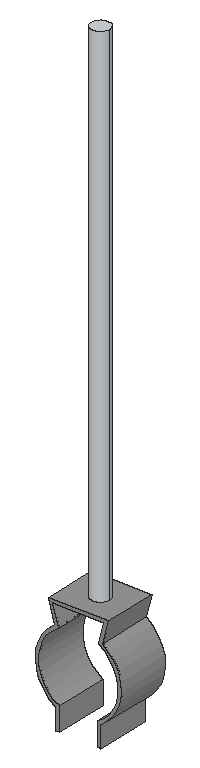
Revit family "Mineralac Hanger", category Generic Models, Revit 2018
Family settings
  Can host rebar = No
  Round Connector Dimension = Use Diameter
  Part Type = Normal
  Work Plane-Based = No
  Always vertical = Yes
  Cut with Voids When Loaded = No
  Shared = No
  Room Calculation Point = No
Parameters (values of type "2"")
  Y Origin [instance] = if([1-1/2"], 0' 5", if([2"], 0' 5", if([2-1/2"], 0' 4 1/2", if([3"], 0' 3 3/4", if([3-1/2"], 0' 2 3/4", if([4"], 0' 2 3/4", 0' 0"))))))  # 0' - 5"
  Rod Length [instance] = 0' - 10.73318"
  Hanger Material = Stainless Steel 304
  4" = no
  3-1/2" = no
  3" = no
  2-1/2" = no
  2" = yes
  1-1/2" = no
Types (6): name | Y Origin | 4" | 3-1/2" | 3" | 2-1/2" | 2" | 1-1/2"
  1-1/2" | 0' - 5" | no | no | no | no | no | yes
  2" | 0' - 5" | no | no | no | no | yes | no
  2-1/2" | 0' - 4 1/2" | no | no | no | yes | no | no
  3" | 0' - 3 3/4" | no | no | yes | no | no | no
  3-1/2" | 0' - 2 3/4" | no | yes | no | no | no | no
  4" | 0' - 2 3/4" | yes | no | no | no | no | no
Reference planes (in)
  plane 1 "Center (Front/Back)": y = 0
  plane 2: z = 0
  plane 3 "Center (Left/Right)": x = 0
  plane 4: z = 5
  plane 5: z = 15.73318
  plane 6: z = 4.26662
  plane 7: z = 3.53324
  plane 8: z = 2.61651
  plane 9: z = 1.61957
  plane 10: z = 1.63745
Forms (in)
  Extrusion 1, solid, visible <- "2""
    sketch origin (-0.00134, 0.75154, 0) x (1, 0, 0) y (0, 1, 0)
      loop
        circle (0, -0.75) r 0.25
    from 1.61957 to 15.73318
  Extrusion 2, solid, visible <- "1-1/2""
    sketch origin (-0.00134, 0.75154, 0) x (1, 0, 0) y (0, 1, 0)
      loop
        circle (0, -0.75) r 0.25
    from 1.63745 to 15.73318
  Extrusion 3, solid, visible <- "2-1/2""
    sketch origin (-0.00134, 0.75154, 0) x (1, 0, 0) y (0, 1, 0)
      loop
        circle (0, -0.75) r 0.25
    from 2.61651 to 15.73318
  Extrusion 4, solid, visible <- "3""
    sketch origin (-0.00134, 0.75154, 0) x (1, 0, 0) y (0, 1, 0)
      loop
        circle (0, -0.75) r 0.25
    from 3.53324 to 15.73318
  Extrusion 5, solid, visible <- "3-1/2""
    sketch origin (-0.00134, 0.75154, 0) x (1, 0, 0) y (0, 1, 0)
      loop
        circle (0, -0.75) r 0.25
    from 4.26662 to 15.73318
  Extrusion 6, solid, visible <- "4""
    sketch origin (-0.00134, 0.75154, 0) x (1, 0, 0) y (0, 1, 0)
      loop
        circle (0, -0.75) r 0.25
    from 5 to 15.73318
Dimensions and locks (in)
  "Rod Length": plane 4 to plane 5
  "Y Origin": plane 2 to plane 4
  plane 9 to plane 10 to plane 8 to plane 7 to plane 6 to plane 4 = 0' - 0.01788" locked, 0' - 0.97906" locked, 0' - 0.91673" locked, 0' - 0.73338" locked, 0' - 0.73338" locked
  aligned and locked: plane 2 to level
  aligned and locked: Extrusion 6 to nested 1
  aligned and locked: Extrusion 5 to nested 3
  aligned and locked: Extrusion 4 to nested 2
  aligned and locked: Extrusion 3 to nested 4
  aligned and locked: Extrusion 1 to nested 5
  aligned and locked: Extrusion 2 to nested 6
  aligned and locked: plane 5 to Extrusion 2
  aligned and locked: plane 5 to Extrusion 1
  aligned and locked: plane 5 to Extrusion 3
  aligned and locked: plane 5 to Extrusion 4
  aligned and locked: plane 5 to Extrusion 5
  aligned and locked: plane 5 to Extrusion 6
  aligned and locked: plane 6 to nested 3
  aligned and locked: plane 7 to nested 2
  aligned and locked: plane 8 to nested 4
  aligned and locked: plane 9 to nested 5
  aligned and locked: plane 10 to nested 6
  aligned and locked: plane 4 to nested 1
  aligned and locked: plane 3 "Center (Left/Right)" to nested 7
  aligned and locked: plane 1 "Center (Front/Back)" to nested 7
Automatic sketch dimensions
  Extrusion 1 sketch curve to plane 3 "Center (Left/Right)" = 0' - 0.00134"
  Extrusion 1 sketch curve to plane 1 "Center (Front/Back)" = 0' - 0.00154"
  Extrusion 2 sketch curve to plane 3 "Center (Left/Right)" = 0' - 0.00134"
  Extrusion 2 sketch curve to plane 1 "Center (Front/Back)" = 0' - 0.00154"
  Extrusion 3 sketch curve to plane 3 "Center (Left/Right)" = 0' - 0.00134"
  Extrusion 3 sketch curve to plane 1 "Center (Front/Back)" = 0' - 0.00154"
  Extrusion 4 sketch curve to plane 3 "Center (Left/Right)" = 0' - 0.00134"
  Extrusion 4 sketch curve to plane 1 "Center (Front/Back)" = 0' - 0.00154"
  Extrusion 5 sketch curve to plane 3 "Center (Left/Right)" = 0' - 0.00134"
  Extrusion 5 sketch curve to plane 1 "Center (Front/Back)" = 0' - 0.00154"
  Extrusion 6 sketch curve to plane 3 "Center (Left/Right)" = 0' - 0.00134"
  Extrusion 6 sketch curve to plane 1 "Center (Front/Back)" = 0' - 0.00154"
  radius of Extrusion 1 sketch curve = 0' - 0 1/4"
  radius of Extrusion 2 sketch curve = 0' - 0 1/4"
  radius of Extrusion 3 sketch curve = 0' - 0 1/4"
  radius of Extrusion 4 sketch curve = 0' - 0 1/4"
  radius of Extrusion 5 sketch curve = 0' - 0 1/4"
  radius of Extrusion 6 sketch curve = 0' - 0 1/4"
Nested families (in)
  nested 1: "Mineralac 4 in. Attachment" at (0, 0, -1.60043), visible <- "4"", type "Mineralac 4 in. Attachment"
  nested 2: "Mineralac 3 in. Attachment" at (0, 0, -1.60043), visible <- "3"", type "Mineralac 3 in. Attachment"
  nested 3: "Mineralac 3 1_2 in. Attachment" at (0, 0, -1.60043), visible <- "3-1/2"", type "Mineralac 3 1_2 in. Attachment"
  nested 4: "Mineralac 2 1_2 in. Attachment" at (0, 0, -1.60043), visible <- "2-1/2"", type "Mineralac 2 1_2 in. Attachment"
  nested 5: "Mineralac 2 in. Attachment" at (0, 0, -1.60043), visible <- "2"", type "Mineralac 2 in. Attachment"
  nested 6: "Mineralac 1 1_2 in. Attachment" at (0, 0, -1.58255), visible <- "1-1/2"", type "Mineralac 1 1_2 in. Attachment"
  nested 7: "Hanger_Anchor_Pt_Generic_Base_Family" at (0, 0, 5), type "Hanger_Anchor_Pt_Generic_Base_Family"
    with Radius 0' - 0 11/32"
Definition of nested family "Mineralac 4 in. Attachment"
  Parameters (values of type "Mineralac 4 in. Attachment")
    Hanger Material = none
    4" = yes
  Reference planes (in)
    plane 1 "Center (Front/Back)": y = 0
    plane 2: z = 0
    plane 3 "Center (Left/Right)": x = 0
  Forms (in)
    Extrusion 1, solid, material <- "Hanger Material", visible <- "4""
      sketch origin (-0.00134, 0.75154, 0) x (1, 0, 0) y (0, 0, 1)
        loop
          arc (1.12526, 5.24862) -> (2.24982, 3.27201) -> (1.07608, 1.32422) r 2.25
          line (1.07608, 1.32422) -> (1.07608, 0) -> (1.26825, 0) -> (1.26825, 1.21317)
          arc (1.26825, 1.21317) -> (2.4417, 3.25251) -> (1.34879, 5.33613) r 2.44217
          line (1.34879, 5.33613) -> (1.69787, 6.60043) -> (-1.69787, 6.60043) -> (-1.34879, 5.33613)
          arc (-1.34879, 5.33613) -> (-2.4417, 3.25251) -> (-1.26825, 1.21317) r 2.44217
          line (-1.26825, 1.21317) -> (-1.26825, 0) -> (-1.07608, 0) -> (-1.07608, 1.32422)
          arc (-1.07608, 1.32422) -> (-2.24982, 3.27201) -> (-1.12526, 5.24862) r 2.25
          line (-1.12526, 5.24862) -> (-1.44544, 6.40826) -> (1.44544, 6.40826) -> (1.12526, 5.24862)
      from 0 to 1.5
  Dimensions and locks (in)
    aligned and locked: plane 2 to level
Definition of nested family "Mineralac 3 in. Attachment"
  Reference planes (in)
    plane 1 "Center (Front/Back)": y = 0
    plane 2: z = 0
    plane 3 "Center (Left/Right)": x = 0
  Forms (in)
    Extrusion 1, solid
      sketch origin (-0.00134, 0.75154, 0) x (1, 0, 0) y (0, 0, 1)
        loop
          line (-0.87521, 4.08226) -> (-1.12423, 4.9842) -> (1.12423, 4.9842) -> (0.87521, 4.08226)
          arc (0.87521, 4.08226) -> (1.74986, 2.5449) -> (0.83695, 1.02995) r 1.75
          line (0.83695, 1.02995) -> (0.83695, 0) -> (0.98641, 0) -> (0.98641, 0.94358)
          arc (0.98641, 0.94358) -> (1.8991, 2.52973) -> (1.04906, 4.15033) r 1.89947
          line (1.04906, 4.15033) -> (1.32056, 5.13367) -> (-1.32056, 5.13367) -> (-1.04906, 4.15033)
          arc (-1.04906, 4.15033) -> (-1.8991, 2.52973) -> (-0.98641, 0.94358) r 1.89947
          line (-0.98641, 0.94358) -> (-0.98641, 0) -> (-0.83695, 0) -> (-0.83695, 1.02995)
          arc (-0.83695, 1.02995) -> (-1.74986, 2.5449) -> (-0.87521, 4.08226) r 1.75
      from 0 to 1.5
  Dimensions and locks (in)
    aligned and locked: plane 2 to level
Definition of nested family "Mineralac 3 1_2 in. Attachment"
  Reference planes (in)
    plane 1 "Center (Front/Back)": y = 0
    plane 2: z = 0
    plane 3 "Center (Left/Right)": x = 0
  Forms (in)
    Extrusion 1, solid
      sketch origin (-0.00134, 0.75154, 0) x (1, 0, 0) y (0, 0, 1)
        loop
          line (-1.00024, 4.66544) -> (-1.28484, 5.69623) -> (1.28484, 5.69623) -> (1.00024, 4.66544)
          arc (1.00024, 4.66544) -> (1.99984, 2.90846) -> (0.95651, 1.17708) r 2
          line (0.95651, 1.17708) -> (0.95651, 0) -> (1.12733, 0) -> (1.12733, 1.07837)
          arc (1.12733, 1.07837) -> (2.1704, 2.89112) -> (1.19892, 4.74323) r 2.17082
          line (1.19892, 4.74323) -> (1.50921, 5.86705) -> (-1.50921, 5.86705) -> (-1.19892, 4.74323)
          arc (-1.19892, 4.74323) -> (-2.1704, 2.89112) -> (-1.12733, 1.07837) r 2.17082
          line (-1.12733, 1.07837) -> (-1.12733, 0) -> (-0.95651, 0) -> (-0.95651, 1.17708)
          arc (-0.95651, 1.17708) -> (-1.99984, 2.90846) -> (-1.00024, 4.66544) r 2
      from 0 to 1.5
  Dimensions and locks (in)
    aligned and locked: plane 2 to level
Definition of nested family "Mineralac 2 1_2 in. Attachment"
  Reference planes (in)
    plane 1 "Center (Front/Back)": y = 0
    plane 2: z = 0
    plane 3 "Center (Left/Right)": x = 0
  Forms (in)
    Extrusion 1, solid
      sketch origin (-0.00134, 0.75154, 0) x (1, 0, 0) y (0, 0, 1)
        loop
          arc (-0.86173, 3.4092) -> (-1.55998, 2.078) -> (-0.81027, 0.77508) r 1.56028
          line (-0.81027, 0.77508) -> (-0.81027, 0) -> (-0.68749, 0) -> (-0.68749, 0.84603)
          arc (-0.68749, 0.84603) -> (-1.43739, 2.09045) -> (-0.71892, 3.35328) r 1.4375
          line (-0.71892, 3.35328) -> (-0.92348, 4.09416) -> (0.92348, 4.09416) -> (0.71892, 3.35328)
          arc (0.71892, 3.35328) -> (1.43739, 2.09045) -> (0.68749, 0.84603) r 1.4375
          line (0.68749, 0.84603) -> (0.68749, 0) -> (0.81027, 0) -> (0.81027, 0.77508)
          arc (0.81027, 0.77508) -> (1.55998, 2.078) -> (0.86173, 3.4092) r 1.56028
          line (0.86173, 3.4092) -> (1.08475, 4.21694) -> (-1.08475, 4.21694) -> (-0.86173, 3.4092)
      from 0 to 1.5
  Dimensions and locks (in)
    aligned and locked: plane 2 to level
Definition of nested family "Mineralac 2 in. Attachment"
  Reference planes (in)
    plane 1 "Center (Front/Back)": y = 0
    plane 2: z = 0
    plane 3 "Center (Left/Right)": x = 0
  Forms (in)
    Extrusion 1, solid
      sketch origin (-0.00134, 0.75154, 0) x (1, 0, 0) y (0, 0, 1)
        loop
          line (-0.54896, 2.56052) -> (-0.70516, 3.12625) -> (0.70516, 3.12625) -> (0.54896, 2.56052)
          arc (0.54896, 2.56052) -> (1.09757, 1.59624) -> (0.52496, 0.64602) r 1.09766
          line (0.52496, 0.64602) -> (0.52496, 0) -> (0.61871, 0) -> (0.61871, 0.59184)
          arc (0.61871, 0.59184) -> (1.19118, 1.58673) -> (0.658, 2.60322) r 1.19141
          line (0.658, 2.60322) -> (0.8283, 3.22) -> (-0.8283, 3.22) -> (-0.658, 2.60322)
          arc (-0.658, 2.60322) -> (-1.19118, 1.58673) -> (-0.61871, 0.59184) r 1.19141
          line (-0.61871, 0.59184) -> (-0.61871, 0) -> (-0.52496, 0) -> (-0.52496, 0.64602)
          arc (-0.52496, 0.64602) -> (-1.09757, 1.59624) -> (-0.54896, 2.56052) r 1.09766
      from 0 to 1.5
  Dimensions and locks (in)
    aligned and locked: plane 2 to level
Definition of nested family "Mineralac 1 1_2 in. Attachment"
  Reference planes (in)
    plane 1 "Center (Front/Back)": y = 0
    plane 2: z = 0
    plane 3 "Center (Left/Right)": x = 0
  Forms (in)
    Extrusion 1, solid
      sketch origin (-0.00134, 0.75154, 0) x (1, 0, 0) y (0, 0, 1)
        loop
          line (0.29644, 0) -> (0.39019, 0) -> (0.39019, 0.68631)
          arc (0.39019, 0.68631) -> (0.96284, 1.60012) -> (0.40782, 2.52473) r 1.03125
          line (0.40782, 2.52473) -> (0.59978, 3.22) -> (-0.59978, 3.22) -> (-0.40782, 2.52473)
          arc (-0.40782, 2.52473) -> (-0.96284, 1.60012) -> (-0.39019, 0.68631) r 1.03125
          line (-0.39019, 0.68631) -> (-0.39019, 0) -> (-0.29644, 0) -> (-0.29644, 0.74639)
          arc (-0.29644, 0.74639) -> (-0.86914, 1.61) -> (-0.29644, 2.47361) r 0.9375
          line (-0.29644, 2.47361) -> (-0.47664, 3.12625) -> (0.47664, 3.12625) -> (0.29644, 2.47361)
          arc (0.29644, 2.47361) -> (0.86914, 1.61) -> (0.29644, 0.74639) r 0.9375
          line (0.29644, 0.74639) -> (0.29644, 0)
      from 0 to 1.5
  Dimensions and locks (in)
    aligned and locked: plane 2 to level
Definition of nested family "Hanger_Anchor_Pt_Generic_Base_Family"
  Parameters (values of type "Hanger_Anchor_Pt_Generic_Base_Family")
    Radius [instance] = 0' - 0 11/32"  # constant formula
  Reference planes (in)
    plane 1 "Center (Front/Back)": y = 0
    plane 2: z = 0
    plane 3 "Center (Left/Right)": x = 0
  Forms (in)
    Revolve 1, solid, not visible
      sketch origin (0, 0, 0) x (1, 0, 0) y (0, 0, 1)
        loop
          arc (0, 0.34375) -> (-0.34375, 0) -> (0, -0.34375) r 0.34375
          line (0, -0.34375) -> (0, 0.34375)
        axis (0, -0.34375) -> (0, 0.34375)
      angle from 0 to 360
  Lines and regions (in)
    symbolic lines
      curve 1: line (-3.00347, 0, 0) -> (2.99653, 0, 0)
      curve 2: line (0, 3, 0) -> (0, -3, 0)
      curve 3: circle (-0.00347, 0, 0) r 3 normal (0, 0, 1)
  Dimensions and locks (in)
    "Radius": radius of Revolve 1 sketch curve
    aligned and locked: plane 2 to level
  Automatic sketch dimensions
    plane 1 "Center (Front/Back)" to curve 1 = 0' - 0"
    plane 1 "Center (Front/Back)" to curve 3 = 0' - 0"
    curve 2 to plane 3 "Center (Left/Right)" = 0' - 0"
    curve 3 to plane 3 "Center (Left/Right)" = 0' - 0.00347"
    plane 1 "Center (Front/Back)" to curve 2 = 0' - 3"
    Revolve 1 sketch curve to plane 3 "Center (Left/Right)" = 0' - 0"
    plane 3 "Center (Left/Right)" to Revolve 1 sketch curve = 0' - 0"
    Revolve 1 sketch curve to level = 0' - 0"
    Revolve 1 sketch curve to Revolve 1 sketch curve = 1' - 11.6574"
    Revolve 1 sketch curve to Revolve 1 sketch curve = 8' - 6.37622"
